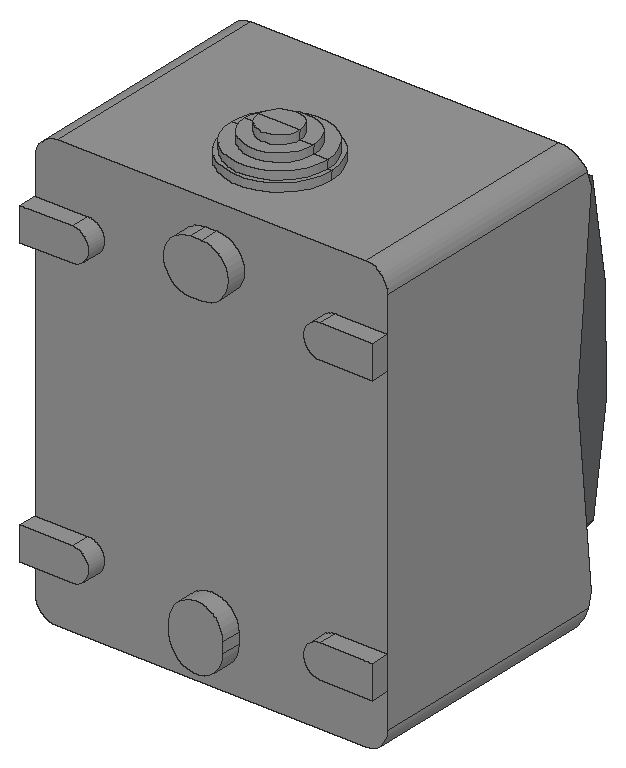
Revit family "IEK_РозеткаСетевая_ОткрытойУстановки_C ЗК с КР 16А одноместная IP54_ФОРС", category Электрические приборы, Revit 2019
Family settings
  Сохранять ориентацию аннотаций = Да
  Размер круглого соединителя = Использовать диаметр
  Тип детали = Нормальный
  На основе рабочей плоскости = Нет
  Всегда вертикально = Да
  При загрузке вырезать с полостями = Нет
  Общий = Нет
  Точка расчета площади = Нет
Parameters (values of type "РСб20-3-ФСр")
  Ширина = 65 mm  # constant formula
  Тип монтажа = "Поверхность монтажа (открытая установка)"  # constant formula
  Степень защиты = "IP54"  # constant formula
  Материал крышки = RAL 9004
  Изготовитель = "IEK"  # constant formula
  Дата изменения = ""
  Глубина = 55 mm  # constant formula
  Высота = 92 mm  # constant formula
  ΔХ [instance] = 2000 mm
  ΔY [instance] = 2000 mm
  KSI_CPr_Строительные изделия = "20.4.03.04 20.4.03.05 20.4.03.06"  # constant formula
  KSI_CMa_Строительные материалы = "01.7.14.03"  # constant formula
  IEK_Цена за единицу = 415.19
  IEK_Поиск в таблице имен = ""
  IEK_Описание = "Выключатели и розетки серии «ФОРС» IP54 для открытой установки предназначены для помещений с повышенной влажностью и запыленностью: подвалов, гаражей, мастерских. Дизайн розеток и выключателей данной серии идеально впишется в интерьер промышленных предприятий."
  IEK_URL = "https://www.iek.ru/products/catalog/izdeliya_elektroustanovochnye_udliniteli_i_silovye_razemy/elektroustanovochnye_izdeliya/elektroustanovochnye_izdeliya_otkrytogo_montazha_ip44_ip54/elektroustanovochnye_izdeliya_fors/rozetka_1_mestnaya_dlya_otkrytoy_ustanovki_rsb20_3_fsr_s_zazemlyayushchim_kontaktom_fors_ip54_iek"
  ADSK_Ток [instance] = 16 A
  ADSK_Примечание = ""
  ADSK_Полная мощность [instance] = ADSK_Номинальная мощность / ADSK_Коэффициент мощности  # 3520 VA
  ADSK_Позиция [instance] = ""
  ADSK_Номинальная мощность [instance] = ADSK_Ток * ADSK_Напряжение * sqrt(ADSK_Количество фаз числовое) * ADSK_Коэффициент мощности  # 3520 W
  ADSK_Напряжение = 220 V
  ADSK_Наименование = "Розетка 1-местная для открытой установки РСб20-3-ФСр с заземляющим контактом ФОРС IP54 IEK"
  ADSK_Материал обозначение = ""
  ADSK_Материал наименование = "Пластик"  # constant formula
  ADSK_Материал = Окраска - RAL 7035
  ADSK_Масса = 0.128
  ADSK_Марка = "ФОРС"  # constant formula
  ADSK_Коэффициент мощности [instance] = 1  # constant formula
  ADSK_Количество фаз числовое = 1
  ADSK_Количество фаз = 1
  ADSK_Код изделия = "ERS12-K03-16-54-DC"
  ADSK_Классификация нагрузок [instance] = Прочее
  ADSK_Завод-изготовитель = "IEK"  # constant formula
  ADSK_Единица измерения = "шт"  # constant formula
  ADSK_Группирование = "III ЭЛЕКТРОУСТАНОВОЧНЫЕ И ЭЛЕКТРОМОНТАЖНЫЕ ИЗДЕЛИЯ"  # constant formula
  ADSK_Версия семейства = "1.0"  # constant formula
  ADSK_Версия Revit = "2019"  # constant formula
  ADSK_URL страницы изделия = "https://www.iek.ru/products/catalog/izdeliya_elektroustanovochnye_udliniteli_i_silovye_razemy/elektroustanovochnye_izdeliya/elektroustanovochnye_izdeliya_otkrytogo_montazha_ip44_ip54/elektroustanovochnye_izdeliya_fors/"
Reference planes
  plane 1 "По центру (Вперед/Назад)": y = 0
  plane 2: z = 0
  plane 3 "По центру (Влево/Вправо)": x = 0
  plane 4 "Высота ножек": z = 280
  plane 5 "Высота": z = 2081.496
  plane 6: x = -2000
  plane 7: y = 2000
Forms (mm)
  Extrusion 1, void
    sketch origin (0, 0, 45.5) x (1, 0, 0) y (0, 0, -1)
      loop
        arc (-16.762, -9.964) -> (-0.012, -19.5) -> (16.75, -9.984) r 19.5
        line (16.75, -9.984) -> (16.75, -2.25) -> (19.37, -2.25)
        arc (19.37, -2.25) -> (19.5, 0) -> (19.37, 2.25) r 19.5
        line (19.37, 2.25) -> (16.75, 2.25) -> (16.75, 9.984)
        arc (16.75, 9.984) -> (0, 19.5) -> (-16.75, 9.984) r 19.5
        line (-16.75, 9.984) -> (-16.75, 2.25) -> (-19.37, 2.25)
        arc (-19.37, 2.25) -> (-19.5, 0) -> (-19.37, -2.25) r 19.5
        line (-19.37, -2.25) -> (-16.75, -2.25) -> (-16.762, -9.964)
    from 29.8 to 49.487
  Extrusion 2, void
    sketch origin (0, 0, 45.5) x (1, 0, 0) y (0, 0, -1)
      loop
        circle (-9.525, 0) r 2.758
      loop
        circle (9.525, 0) r 2.758
    from 29.8 to 27.3
  Extrusion 3, solid, material "Окраска - RAL 7035" <- "ADSK_Материал", detail levels fine
    sketch origin (0, 0, 45.5) x (1, 0, 0) y (0, 0, -1)
      loop
        line (-32, 35.5) -> (-32, -35.45)
        arc (-32, -35.45) -> (-30.814, -38.314) -> (-27.95, -39.5) r 4.05
        line (-27.95, -39.5) -> (28, -39.5)
        arc (28, -39.5) -> (30.828, -38.328) -> (32, -35.5) r 4
        line (32, -35.5) -> (32, 35.5)
        arc (32, 35.5) -> (30.828, 38.328) -> (28, 39.5) r 4
        line (28, 39.5) -> (-28, 39.5)
        arc (-28, 39.5) -> (-30.828, 38.328) -> (-32, 35.5) r 4
    from 3.5 to 50.392
  Extrusion 4, void
    sketch origin (0, 0, 32.4) x (1, 0, 0) y (0, 0, -1)
      loop
        line (-25.1, 26.4) -> (-25.1, 17.6) -> (-30.2, 10.316) -> (-30.2, -48.6)
        arc (-30.2, -48.6) -> (-29.556, -50.156) -> (-28, -50.8) r 2.2
        line (-28, -50.8) -> (28, -50.8)
        arc (28, -50.8) -> (29.556, -50.156) -> (30.2, -48.6) r 2.2
        line (30.2, -48.6) -> (30.2, 10.316) -> (25.1, 17.6) -> (25.1, 26.4) -> (-25.1, 26.4)
      loop
        arc (-3.5, 7.353) -> (-20.75, -13.1) -> (-3.5, -33.553) r 20.75
        line (-3.5, -33.553) -> (-3.5, -36.6) -> (3.5, -36.6) -> (3.5, -33.553)
        arc (3.5, -33.553) -> (20.75, -13.1) -> (3.5, 7.353) r 20.75
        line (3.5, 7.353) -> (3.5, 10.4) -> (-3.5, 10.4) -> (-3.5, 7.353)
    from 39.3 to 50.392
  Extrusion 5, void
    sketch origin (0, 12.891, 32.4) x (1, 0, 0) y (0, 0, -1)
      loop
        line (-24.926, 12.673) -> (-24.926, -39.081) -> (25.074, -39.081) -> (25.074, 12.673) -> (-24.926, 12.673)
    from 34.409 to 36.596
  Extrusion 6, solid, material "Окраска - RAL 7035" <- "ADSK_Материал", detail levels fine
    sketch origin (0, 0, 45.5) x (1, 0, 0) y (0, 0, -1)
      loop
        line (-32, 23) -> (-22.5, 23)
        arc (-22.5, 23) -> (-19.5, 26) -> (-22.5, 29) r 3
        line (-22.5, 29) -> (-32, 29) -> (-32, 23)
      loop
        line (32, 23) -> (32, 29) -> (22.5, 29)
        arc (22.5, 29) -> (19.5, 26) -> (22.5, 23) r 3
        line (22.5, 23) -> (32, 23)
      loop
        line (-32, -23) -> (-32, -29) -> (-22.5, -29)
        arc (-22.5, -29) -> (-19.5, -26) -> (-22.5, -23) r 3
        line (-22.5, -23) -> (-32, -23)
      loop
        line (32, -23) -> (22.5, -23)
        arc (22.5, -23) -> (19.5, -26) -> (22.5, -29) r 3
        line (22.5, -29) -> (32, -29) -> (32, -23)
      loop
        arc (1, -34.9) -> (5.9, -30) -> (1, -25.1) r 4.9
        line (1, -25.1) -> (-1, -25.1)
        arc (-1, -25.1) -> (-5.9, -30) -> (-1, -34.9) r 4.9
        line (-1, -34.9) -> (1, -34.9)
      loop
        line (-4.9, 31) -> (-4.9, 29)
        arc (-4.9, 29) -> (0, 24.1) -> (4.9, 29) r 4.9
        line (4.9, 29) -> (4.9, 31)
        arc (4.9, 31) -> (0, 35.9) -> (-4.9, 31) r 4.9
    from 0 to 3.5
  Revolve 7, solid, material "Окраска - RAL 7035" <- "ADSK_Материал", detail levels fine
    sketch origin (0, 18.905, 4617.5) x (-1, 0, 0) y (0, 0, 1)
      loop
        line (0, -4526.5) -> (0, -4532.5) -> (9.541, -4532.5) -> (9.541, -4531) -> (8.75, -4531) -> (8.75, -4529.5) -> (6.25, -4529.5) -> (6.25, -4528) -> (3.75, -4528) -> (3.75, -4526.5) -> (0, -4526.5)
      loop
        line (0, -4617.5) -> (3.75, -4617.5) -> (3.75, -4616) -> (6.25, -4616) -> (6.25, -4614.5) -> (8.75, -4614.5) -> (8.75, -4613) -> (9.541, -4613) -> (9.541, -4611.5) -> (0, -4611.5) -> (0, -4617.5)
      axis (0, -4617.5) -> (0, -4526.5)
    angle from 0 to 360
  Extrusion 8, solid, material "RAL 9004" <- "Материал крышки", detail levels fine
    sketch origin (0, 0, -56.325) x (0, 0, -1) y (0, 1, 0)
      loop
        line (-137.825, 45.3) -> (-137.825, 39.3) -> (-135.825, 39.3) -> (-135.825, 44.857) -> (-134.019, 48.731)
        arc (-134.019, 48.731) -> (-102.572, 45.387) -> (-71.125, 48.731) r 149.542
        arc (-71.125, 48.731) -> (-67.407, 47.585) -> (-63.725, 46.326) r 126.941
        line (-63.725, 46.326) -> (-63.725, 39.3) -> (-62.325, 39.3) -> (-62.325, 47.287)
        arc (-62.325, 47.287) -> (-98.143, 55.179) -> (-134.685, 52.033) r 121.61
        line (-134.685, 52.033) -> (-137.825, 45.3)
    from -30.2 to 30.2
  Extrusion 9, void
    sketch origin (0, 0, 32.4) x (1, 0, 0) y (0, 0, -1)
      loop
        line (-25.1, 17.6) -> (-25.1, 26.4) -> (-30.2, 26.4) -> (-30.2, 10.316) -> (-25.1, 17.6)
      loop
        line (30.2, 10.316) -> (30.2, 26.4) -> (25.1, 26.4) -> (25.1, 17.6) -> (30.2, 10.316)
      loop
        line (-11.25, -50.2) -> (11.25, -50.2) -> (11.25, -46.2) -> (-11.25, -46.2) -> (-11.25, -50.2)
    from 39.3 to 52.424
  Extrusion 10, void
    sketch origin (0, 0, 45.5) x (0, 0, -1) y (0, 1, 0)
      loop
        line (39.5, 47.287) -> (39.5, 51.998) -> (-39.5, 51.998) -> (-39.5, 47.287) -> (-33.021, 49.493)
        arc (-33.021, 49.493) -> (0.067, 46.452) -> (33.15, 49.537) r 180.205
        arc (33.15, 49.537) -> (36.341, 48.456) -> (39.5, 47.287) r 121.61
    from -32 to 32
  Extrusion 11, solid, detail levels coarse
    sketch origin (0, 0, 0) x (0, 1, 0) y (0, 0, 1)
      loop
        line (55.44, 91) -> (0, 91) -> (0, 0) -> (55.44, 0) -> (55.44, 91)
    from -32 to 32
  Extrusion 12, solid, detail levels medium
    sketch origin (0, 0, 0) x (0, 1, 0) y (0, 0, 1)
      loop
        line (55.44, 91) -> (0, 91) -> (0, 0) -> (55.44, 0) -> (55.44, 91)
    from -32 to 32
Cuts and joins
  Extrusion 1, Extrusion 2, Extrusion 4, Extrusion 5, Extrusion 10 cuts Extrusion 3
  Extrusion 9 cuts Extrusion 8
Lines and regions (mm)
  reference lines
    curve 1: line (0, 44.647, 0) -> (0, -55.353, 0)
    curve 2: line (-23.829, 0, 0) -> (76.171, 0, 0)
Dimensions and locks
  locked: plane 4 "Высота ножек" to plane 2 at 280
  plane 5 "Высота" to plane 4 "Высота ножек" = 1801.496 mm
  "ΔХ": plane 6 to curve 1
  "ΔY": plane 7 to curve 2
  aligned and locked: level to plane 2
  aligned and locked: nested 1 to curve 1
  aligned and locked: curve 2 to nested 1
Automatic sketch dimensions
  Extrusion 1 sketch curve to Extrusion 1 sketch curve = 0 mm  (x14)
  Extrusion 1 sketch curve to plane 3 "По центру (Влево/Вправо)" = 0 mm
  Extrusion 1 sketch curve to plane 3 "По центру (Влево/Вправо)" = 16.75 mm
  Extrusion 1 sketch curve to Extrusion 1 sketch curve = 2.62 mm  (x4)
  plane 3 "По центру (Влево/Вправо)" to Extrusion 1 sketch curve = 16.75 mm
  level to Extrusion 1 sketch curve = 55.484 mm
  Extrusion 1 sketch curve to Extrusion 1 sketch curve = 7.734 mm  (x3)
  Extrusion 1 sketch curve to Extrusion 1 sketch curve = 2.25 mm
  Extrusion 1 sketch curve to Extrusion 1 sketch curve = 0.012 mm
  Extrusion 2 sketch curve to plane 3 "По центру (Влево/Вправо)" = 9.525 mm
  plane 3 "По центру (Влево/Вправо)" to Extrusion 2 sketch curve = 9.525 mm
  level to Extrusion 2 sketch curve = 45.5 mm
  Extrusion 2 sketch curve to Extrusion 2 sketch curve = 0 mm
  level to Extrusion 3 sketch curve = 10 mm  (x2)
  Extrusion 3 sketch curve to plane 3 "По центру (Влево/Вправо)" = 32 mm
  Extrusion 3 sketch curve to Extrusion 3 sketch curve = 4 mm
  Extrusion 3 sketch curve to Extrusion 3 sketch curve = 4.05 mm
  plane 3 "По центру (Влево/Вправо)" to Extrusion 3 sketch curve = 28 mm  (x2)
  level to Extrusion 3 sketch curve = 80.95 mm
  Extrusion 4 sketch curve to Extrusion 4 sketch curve = 0 mm  (x3)
  Extrusion 4 sketch curve to plane 3 "По центру (Влево/Вправо)" = 0 mm
  Extrusion 4 sketch curve to plane 3 "По центру (Влево/Вправо)" = 3.5 mm  (x2)
  level to Extrusion 4 sketch curve = 6 mm
  Extrusion 4 sketch curve to plane 3 "По центру (Влево/Вправо)" = 25.1 mm
  Extrusion 4 sketch curve to Extrusion 4 sketch curve = 24.5 mm
  Extrusion 4 sketch curve to Extrusion 4 sketch curve = 2.2 mm
  plane 3 "По центру (Влево/Вправо)" to Extrusion 4 sketch curve = 3.5 mm  (x2)
  level to Extrusion 4 sketch curve = 14.8 mm  (x2)
  Extrusion 4 sketch curve to Extrusion 4 sketch curve = 21.6 mm
  plane 3 "По центру (Влево/Вправо)" to Extrusion 4 sketch curve = 28 mm
  level to Extrusion 4 sketch curve = 22.084 mm  (x2)
  Extrusion 4 sketch curve to Extrusion 4 sketch curve = 5.1 mm
  level to Extrusion 4 sketch curve = 25.047 mm
  Extrusion 4 sketch curve to Extrusion 4 sketch curve = 20.453 mm
  Extrusion 4 sketch curve to Extrusion 4 sketch curve = 3.047 mm  (x2)
  Extrusion 4 sketch curve to Extrusion 4 sketch curve = 12 mm
  Extrusion 5 sketch curve to plane 3 "По центру (Влево/Вправо)" = 24.926 mm
  plane 3 "По центру (Влево/Вправо)" to Extrusion 5 sketch curve = 25.074 mm
  level to Extrusion 5 sketch curve = 71.481 mm
  level to Extrusion 5 sketch curve = 19.727 mm
  Extrusion 6 sketch curve to plane 3 "По центру (Влево/Вправо)" = 0 mm
  Extrusion 6 sketch curve to plane 3 "По центру (Влево/Вправо)" = 1 mm
  level to Extrusion 6 sketch curve = 16.5 mm  (x3)
  Extrusion 6 sketch curve to plane 3 "По центру (Влево/Вправо)" = 4.9 mm
  Extrusion 6 sketch curve to Extrusion 6 sketch curve = 21.5 mm  (x2)
  level to Extrusion 6 sketch curve = 22.5 mm  (x2)
  Extrusion 6 sketch curve to Extrusion 6 sketch curve = 17.6 mm  (x2)
  Extrusion 6 sketch curve to Extrusion 6 sketch curve = 9.5 mm  (x4)
  plane 3 "По центру (Влево/Вправо)" to Extrusion 6 sketch curve = 1 mm
  Extrusion 6 sketch curve to Extrusion 6 sketch curve = 46 mm
  Extrusion 6 sketch curve to Extrusion 6 sketch curve = 0 mm
  Extrusion 6 sketch curve to Extrusion 6 sketch curve = 2.1 mm
  Extrusion 6 sketch curve to Extrusion 6 sketch curve = 3 mm  (x2)
  Extrusion 6 sketch curve to Extrusion 6 sketch curve = 4.9 mm
  Extrusion 6 sketch curve to Extrusion 6 sketch curve = 2 mm
  Revolve 7 sketch curve to plane 3 "По центру (Влево/Вправо)" = 0 mm  (x3)
  Revolve 7 sketch curve to Revolve 7 sketch curve = 3.75 mm
  Revolve 7 sketch curve to plane 3 "По центру (Влево/Вправо)" = 3.75 mm
  Revolve 7 sketch curve to Revolve 7 sketch curve = 2.5 mm  (x4)
  Revolve 7 sketch curve to Revolve 7 sketch curve = 0.791 mm  (x2)
  Revolve 7 sketch curve to level = 0 mm
  Revolve 7 sketch curve to Revolve 7 sketch curve = 1.5 mm  (x7)
  Revolve 7 sketch curve to Revolve 7 sketch curve = 4.5 mm
  level to Revolve 7 sketch curve = 85 mm
  Revolve 7 sketch curve to Revolve 7 sketch curve = 1478.5 mm
  Revolve 7 sketch curve to plane 5 "Высота" = 511.996 mm
  Extrusion 8 sketch curve to plane 1 "По центру (Вперед/Назад)" = 39.3 mm
  level to Extrusion 8 sketch curve = 81.5 mm
  Extrusion 8 sketch curve to Extrusion 8 sketch curve = 2 mm
  Extrusion 8 sketch curve to plane 1 "По центру (Вперед/Назад)" = 52.033 mm
  Extrusion 8 sketch curve to Extrusion 8 sketch curve = 1.14 mm
  Extrusion 8 sketch curve to plane 1 "По центру (Вперед/Назад)" = 48.731 mm
  Extrusion 8 sketch curve to Extrusion 8 sketch curve = 0.667 mm
  level to Extrusion 8 sketch curve = 50.318 mm
  Extrusion 8 sketch curve to Extrusion 8 sketch curve = 0.54 mm
  level to Extrusion 8 sketch curve = 46.247 mm
  level to Extrusion 8 sketch curve = 7.4 mm
  Extrusion 8 sketch curve to Extrusion 8 sketch curve = 1.4 mm
  plane 1 "По центру (Вперед/Назад)" to Extrusion 8 sketch curve = 66.17 mm
  Extrusion 8 sketch curve to Extrusion 8 sketch curve = 6.97 mm
  Extrusion 8 sketch curve to Extrusion 8 sketch curve = 7.987 mm
  Extrusion 8 sketch curve to Extrusion 8 sketch curve = 3.874 mm
  Extrusion 8 sketch curve to Extrusion 8 sketch curve = 0.443 mm
  Extrusion 8 sketch curve to Extrusion 8 sketch curve = 0.962 mm
  Extrusion 8 sketch curve to Extrusion 8 sketch curve = 142.896 mm
  level to Extrusion 9 sketch curve = 22.084 mm  (x2)
  Extrusion 9 sketch curve to plane 3 "По центру (Влево/Вправо)" = 30.2 mm
  Extrusion 9 sketch curve to Extrusion 9 sketch curve = 5.1 mm  (x2)
  Extrusion 9 sketch curve to plane 3 "По центру (Влево/Вправо)" = 11.25 mm
  plane 3 "По центру (Влево/Вправо)" to Extrusion 9 sketch curve = 11.25 mm
  level to Extrusion 9 sketch curve = 14.8 mm  (x2)
  plane 3 "По центру (Влево/Вправо)" to Extrusion 9 sketch curve = 25.1 mm
  level to Extrusion 9 sketch curve = 78.6 mm
  Extrusion 9 sketch curve to Extrusion 9 sketch curve = 4 mm
  Extrusion 9 sketch curve to Extrusion 9 sketch curve = 8.8 mm  (x2)
  Extrusion 10 sketch curve to plane 1 "По центру (Вперед/Назад)" = 51.998 mm
  level to Extrusion 10 sketch curve = 85 mm
  Extrusion 10 sketch curve to Extrusion 10 sketch curve = 6.479 mm
  level to Extrusion 10 sketch curve = 49.778 mm
  level to Extrusion 10 sketch curve = 45.554 mm
  level to Extrusion 10 sketch curve = 6 mm
  Extrusion 10 sketch curve to Extrusion 10 sketch curve = 2.505 mm
  Extrusion 10 sketch curve to Extrusion 10 sketch curve = 4.711 mm  (x2)
  plane 1 "По центру (Вперед/Назад)" to Extrusion 10 sketch curve = 66.17 mm
  Extrusion 10 sketch curve to Extrusion 10 sketch curve = 174.659 mm
  Extrusion 11 sketch curve to plane 1 "По центру (Вперед/Назад)" = 0 mm
  Extrusion 11 sketch curve to level = 0 mm
  Extrusion 11 sketch curve to plane 1 "По центру (Вперед/Назад)" = 55.44 mm
  level to Extrusion 11 sketch curve = 91 mm
  Extrusion 12 sketch curve to plane 1 "По центру (Вперед/Назад)" = 0 mm
  Extrusion 12 sketch curve to level = 0 mm
  Extrusion 12 sketch curve to plane 1 "По центру (Вперед/Назад)" = 55.44 mm
  level to Extrusion 12 sketch curve = 91 mm
  curve 2 to plane 3 "По центру (Влево/Вправо)" = 23.829 mm
  plane 3 "По центру (Влево/Вправо)" to curve 2 = 76.171 mm
  plane 1 "По центру (Вперед/Назад)" to curve 1 = 55.353 mm
  curve 1 to plane 1 "По центру (Вперед/Назад)" = 44.647 mm
  radius of Extrusion 2 sketch curve = 2.758 mm  (x2)
Nested families
  nested 1: "УГО Розетки" at (0, 0, 0), type "2PE-O", detail levels coarse+medium
    with Количество в блоке "", Блок розеток no, IP44 yes
Connectors
  electrical at (0.006, 3.5, 45.494), driven by "ADSK_Количество фаз", driven by "ADSK_Классификация нагрузок", driven by "ADSK_Напряжение", driven by "ADSK_Полная мощность", driven by "ADSK_Коэффициент мощности"
    settings: on cut or joined group of Extrusion 1, Extrusion 2, Extrusion 3, Extrusion 4, Extrusion 5, Extrusion 10, index 1, voltage 220 V, apparent load 0 VA, apparent load phase1 3520 VA, apparent load phase2 0 VA, apparent load phase3 0 VA, power factor 1, load classification "Прочее", number of poles 1, system type 31, power factor state 1, is connector primary yes, connector utility no, sub classification motor no, connector description ""
Definition of nested family "УГО Розетки"
  Parameters (values of type "3PE-O")
    Количество в блоке [instance] = ""
    Блок розеток [instance] = no
    IP44 [instance] = no
    3PE-O = yes
    3PE-C = no
    2PE-O = no
    2PE-C = no
    2P-O = no
    2P-C = no
  Types (6, lengths in mm): name | 3PE-O | 3PE-C | 2PE-O | 2PE-C | 2P-O | 2P-C
    2P-O | no | no | no | no | yes | no
    3PE-O | yes | no | no | no | no | no
    2P-C | no | no | no | no | no | yes
    2PE-C | no | no | no | yes | no | no
    2PE-O | no | no | yes | no | no | no
    3PE-C | no | yes | no | no | no | no
  Reference planes
    plane 1: y = 0
    plane 2: x = 0
  Lines and regions (mm)
    Filled region 1, type "Цветовая область 1", visible <- "IP44"
      outline origin (0, 0, 0) x (1, 0, 0) y (0, 1, 0)
        loop
          line (-2.5, 0) -> (2.5, 0)
          arc (2.5, 0) -> (0, 2.5) -> (-2.5, 0) r 2.5
    Filled region 2, type "Цветовая область 1", visible <- "IP44", not visible
      outline origin (0, 0, 0) x (1, 0, 0) y (0, 1, 0)
        loop
          line (-2.5, 4.664) -> (2.5, 4.664)
          arc (2.5, 4.664) -> (0, 7.164) -> (-2.5, 4.664) r 2.5
    detail lines
      curve 1: line (-2.5, 0, 0) -> (2.5, 0, 0)
      curve 3: line (0, 2.5, 0) -> (0, 5, 0)
      curve 4: arc (-2.5, 0, 0) -> (0, 2.5, 0) -> (2.5, 0, 0) r 2.5
    detail lines, visible <- "3PE-C"
      curve 2: line (0, 0, 0) -> (0, 2.5, 0)
      curve 5: line (-2.5, 2.5, 0) -> (2.5, 2.5, 0)
      curve 17: line (0, 2.5, 0) -> (1.768, 4.268, 0)
      curve 18: line (0, 2.5, 0) -> (-1.768, 4.268, 0)
    detail lines, not visible
      curve 6: line (-2.5, 4.664, 0) -> (2.5, 4.664, 0)
      curve 8: line (0, 7.164, 0) -> (0, 9.664, 0)
      curve 9: arc (-2.5, 4.664, 0) -> (0, 7.164, 0) -> (2.5, 4.664, 0) r 2.5
    detail lines, visible <- "3PE-C", not visible
      curve 7: line (0, 4.664, 0) -> (0, 7.164, 0)
      curve 10: line (-2.5, 7.164, 0) -> (2.5, 7.164, 0)
      curve 23: line (0, 7.164, 0) -> (1.768, 8.932, 0)
      curve 24: line (0, 7.164, 0) -> (-1.768, 8.932, 0)
    detail lines, visible <- "3PE-O"
      curve 11: line (-2.5, 2.5, 0) -> (2.5, 2.5, 0)
      curve 19: line (0, 2.5, 0) -> (1.768, 4.268, 0)
      curve 20: line (0, 2.5, 0) -> (-1.768, 4.268, 0)
    detail lines, visible <- "3PE-O", not visible
      curve 12: line (-2.5, 7.164, 0) -> (2.5, 7.164, 0)
      curve 25: line (0, 7.164, 0) -> (1.768, 8.932, 0)
      curve 26: line (0, 7.164, 0) -> (-1.768, 8.932, 0)
    detail lines, visible <- "2PE-C"
      curve 13: line (0, 0, 0) -> (0, 2.5, 0)
      curve 22: line (-2.5, 2.5, 0) -> (2.5, 2.5, 0)
    detail lines, visible <- "2P-C"
      curve 14: line (0, 0, 0) -> (0, 2.5, 0)
    detail lines, visible <- "2PE-C", not visible
      curve 15: line (0, 4.664, 0) -> (0, 7.164, 0)
      curve 28: line (-2.5, 7.164, 0) -> (2.5, 7.164, 0)
    detail lines, visible <- "2P-C", not visible
      curve 16: line (0, 4.664, 0) -> (0, 7.164, 0)
    detail lines, visible <- "2PE-O"
      curve 21: line (-2.5, 2.5, 0) -> (2.5, 2.5, 0)
    detail lines, visible <- "2PE-O", not visible
      curve 27: line (-2.5, 7.164, 0) -> (2.5, 7.164, 0)
    reference lines
      curve 29: line (100, 9.605, 0) -> (100, -3.971, 0)
  Text (mm)
    label "3" at (1.908, 5.573, 0), shows "Количество в блоке", visible <- "Блок розеток"
    label "3" at (1.908, 10.237, 0), shows "Количество в блоке", visible <- "Блок розеток", not visible
  Dimensions and locks
    aligned and locked: Filled region 1 sketch curve to curve 4
    aligned and locked: Filled region 2 sketch curve to curve 9
